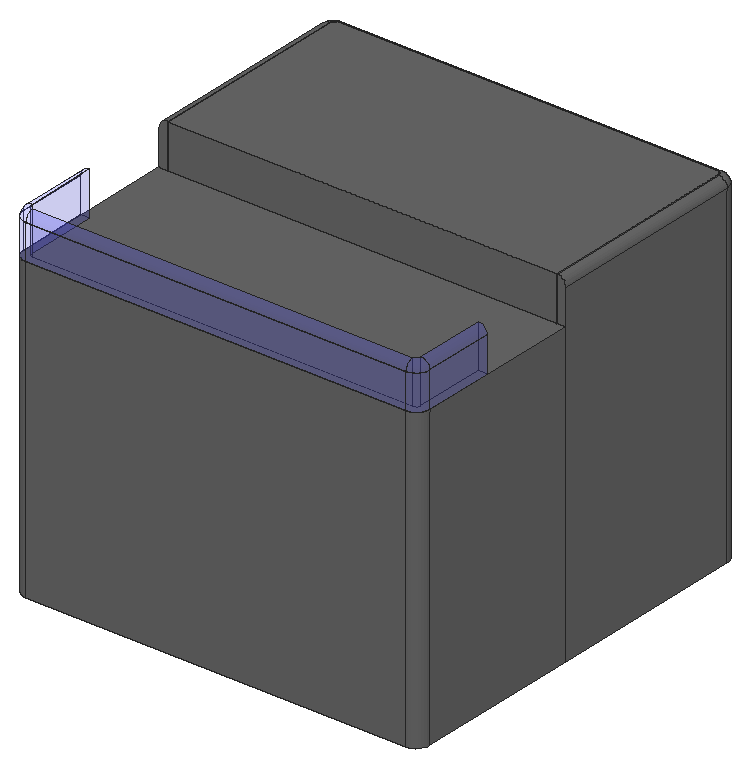
Revit family "Domotics-DomesticRanges-GEWISS-SYSTEM_SIGNALLING-LAMP_STAIR_RISER_2M", category Apparecchi elettrici, host Superficie, Revit 2016
Family settings
  Host = Superficie
  Mantenere orientamento annotazione = Sì
  Tipo di parte = Normale
  Quota connettore circolare = Usa diametro
  Taglio con vuoti quando caricato = Sì
  Condiviso = Sì
  Punto di calcolo locali = Sì
Parameters (values of type "GW21634 - Stair riser lamp 12/230V 2M black")
  Voltage: = "12/230V AC"
  Voltage = "12/230V AC"
  Volt = 230 V
  Vista in pianta [instance] = yes
  Version file RFA = "19.4"
  URL = "https://www.gewiss.com/ww/en"
  Type of lamp = "Integrated LED"
  Tipo = System Spie Segnapasso 2M_GENERICO : GW21634 Spia segnapasso 12/230V 2M nero
  Technical sheet = "https://www.gewiss.com/ww/en/search?q=GW21634"
  Simbolo [instance] = yes
  SEO = "Lamp"
  Realized by GEWISS S.p.A. = ""
  Default Elevation = 1219.2 mm
  Produttore = "GEWISS S.p.A."
  Offset presa [instance] = 0 mm
  Offset bidimensionale [instance] = 39 mm
  No. SYSTEM modules = "2"
  N. poli = 1
  Modello = "GW21634"
  Lamp voltage = "12V ac/dc - 230V ac"
  Lamp = "Integrated LED"
  Immagine tipo = GW21634.jpg
  IFC.TypeObject = ""
  IFC.ExportType = ""
  IFC.ExportAs = ""
  IDT = "4cbe2d01-671d-42f3-b0a9-0d3cd50f0d86"
  IDF = "e1f8d91e-42d5-45ae-9b50-bb8d477e07d2"
  Electrocod = "0132"
  EAN code = "8011564184671"
  Distanza_x [instance] = 0 mm
  Distanza_effettiva_y [instance] = 100 mm
  Distanza_effettiva_x [instance] = 1000 mm - Distanza_x  # 1000 mm
  Diffuser colour: = "White"
  Diffuser colour = "White"
  Descrizione = "STAIR RISER LAMP 12/230V 2M SY/BK"
  Description. = "Stair riser lamp"
  Colour = "Black"
  Catalogue Range = "SYSTEM - DOMESTIC RANGE"
  Catalogue = "DOMOTICS"
  Carico apparente = 0 VA
  COBie.Tagnumber = ""
  COBie.CreatedOn = ""
  COBie.CreatebBy = ""
  COBie.ComponentRegisterItemID = ""
  COBie.Component.TagNumber = ""
  COBie.Component.Space = ""
  COBie.Component.SerialNumber = ""
  COBie.Component.InstallationDate = ""
  COBie.Component.Description = ""
  COBie.Component.BarCode = ""
Types (2, lengths in mm): name | Tipo | Technical sheet | Modello | Immagine tipo | IDT | EAN code | Descrizione | Colour
  GW20634 - Stair riser lamp 12/230V 2M white | System Spie Segnapasso 2M_GENERICO : GW20634 Spia segnapasso 12/230V 2M bianco | "https://www.gewiss.com/ww/en/search?q=GW20634" | "GW20634" | GW20634.jpg | "41c4e9e3-0425-4063-bfa8-a9f1a85b130d" | "8011564184664" | "STAIR RISER LAMP 12/230V 2M SY/WT" | "White"
  GW21634 - Stair riser lamp 12/230V 2M black | System Spie Segnapasso 2M_GENERICO : GW21634 Spia segnapasso 12/230V 2M nero | "https://www.gewiss.com/ww/en/search?q=GW21634" | "GW21634" | GW21634.jpg | "4cbe2d01-671d-42f3-b0a9-0d3cd50f0d86" | "8011564184671" | "STAIR RISER LAMP 12/230V 2M SY/BK" | "Black"
Reference planes
  plane 1 "Centro (Fronte/Retro)": y = 0
  plane 2: z = 0
  plane 3 "Centro (Sinistra/Destra)": x = 0
  plane 4: x = -1000
  plane 5: z = 0
  plane 6: z = 39
  plane 7: x = 0
  plane 8: y = 100
  plane 9: z = 39
Lines and regions (mm)
  Masking region 1, visible <- "Vista in pianta"
    outline origin (0, 0, 0) x (1, 0, 0) y (0, 1, 0)
      loop
        line (-23, 22.501) -> (-23, -22.501) -> (23, -22.501) -> (23, 22.501) -> (-23, 22.501)
      loop
        line (-21.994, -1.799) -> (21.994, -1.799) -> (21.994, 21.493) -> (-21.994, 21.493) -> (-21.994, -1.799)
      loop
        line (-21.809, -21.613) -> (21.809, -21.613) -> (21.809, -12.839) -> (-21.809, -12.839) -> (-21.809, -21.613)
  Masking region 2, visible <- "Vista in pianta"
    outline origin (0, 0, 0) x (1, 0, 0) y (0, 0, 1)
      loop
        line (-23, 39) -> (-23, 0) -> (23, 0) -> (23, 39) -> (-23, 39)
  Masking region 3, visible <- "Vista in pianta"
    outline origin (0, 0, 0) x (0, 1, 0) y (0, 0, 1)
      loop
        line (-22.501, 39) -> (-22.501, 0) -> (22.501, 0) -> (22.501, 39) -> (-1.804, 39) -> (-1.804, 34.001) -> (-12.846, 34.001) -> (-12.846, 39) -> (-22.501, 39)
Dimensions and locks
  plane 4 to plane 3 "Centro (Sinistra/Destra)" = 1000 mm
  "Offset presa": plane 5 to host face
  "Offset bidimensionale": plane 6 to host face
  "Distanza_effettiva_x": plane 4 to plane 7
  "Distanza_effettiva_y": plane 8 to plane 1 "Centro (Fronte/Retro)"
  locked: plane 9 to plane 5 at 39
  locked: nested 1 to Masking region 3 at 4.999
  aligned and locked: plane 2 to host face
  aligned and locked: level to host face
  aligned and locked: plane 7 to nested 2
  aligned and locked: nested 2 to plane 8
  aligned and locked: Masking region 1 sketch curve to nested 1  (x4)
  aligned and locked: Masking region 2 sketch curve to nested 1  (x3)
  aligned and locked: nested 1 to Masking region 2 sketch curve
  aligned and locked: import instance to plane 6
  aligned and locked: nested 1 to plane 5
  aligned and locked: Masking region 3 to plane 5
  aligned and locked: Masking region 3 to plane 9
  aligned and locked: nested 1 to plane 9
Automatic sketch dimensions
  host sketch curve to host sketch curve = 2438.4 mm  (x2)
  plane 1 "Centro (Fronte/Retro)" to Masking region 1 sketch curve = 1.799 mm
  Masking region 1 sketch curve to Masking region 1 sketch curve = 1.006 mm  (x2)
  Masking region 1 sketch curve to Masking region 1 sketch curve = 1.008 mm
  Masking region 1 sketch curve to Masking region 1 sketch curve = 1.191 mm  (x2)
  Masking region 1 sketch curve to Masking region 1 sketch curve = 0.888 mm
  Masking region 1 sketch curve to Masking region 1 sketch curve = 8.774 mm
  level to Masking region 3 sketch curve = 0 mm
  plane 1 "Centro (Fronte/Retro)" to Masking region 3 sketch curve = 22.501 mm
  Masking region 3 sketch curve to Masking region 3 sketch curve = 9.655 mm
  plane 1 "Centro (Fronte/Retro)" to Masking region 3 sketch curve = 1.804 mm
  plane 6 to Masking region 3 sketch curve = 0 mm
  Masking region 3 sketch curve to plane 1 "Centro (Fronte/Retro)" = 22.501 mm
  Masking region 3 sketch curve to Masking region 3 sketch curve = 4.999 mm  (x2)
Nested families
  nested 1: "System Spie Segnapasso 2M_GENERICO" at (0, 0, 0), type <- "Tipo", type "GW21634 Spia segnapasso 12/230V 2M nero", detail levels medium+fine
  nested 2: "SPIE" at (0, 100, 0), visible <- "Simbolo", type "SEGNAP"
    with SIMBOLO yes, Distanza dal muro 0 mm, BORDO ACCESO yes
Connectors
  electrical at (0, -15.1, 0), driven by "N. poli", driven by "Volt", driven by "Carico apparente"
    settings: on nested 1, index 1, voltage 230 V, apparent load 0 VA, apparent load phase1 0 VA, apparent load phase2 0 VA, apparent load phase3 0 VA, power factor 1, load classification "Altro", number of poles 1, system type 31, power factor state 1, is connector primary yes, connector utility no, sub classification motor no, connector description ""
Definition of nested family "System Spie Segnapasso 2M_GENERICO"
  Parameters (values of type "GW21634 Spia segnapasso 12/230V 2M nero")
    Finitura Vetro System Estraibile = none
    Finitura System Estraibile = none
    Altezza da Terra = 750 mm
  Types (2): name
    GW20634 Spia segnapasso 12/230V 2M bianco
    GW21634 Spia segnapasso 12/230V 2M nero
  Reference planes
    plane 1 "Centro (Fronte/Retro)": y = 0
    plane 2: z = 0
    plane 3 "Centro (Sinistra/Destra)": x = 0
    plane 4: x = -22
    plane 5: x = 22
    plane 6: x = -23
    plane 7: x = 23
    plane 8 "a": z = 39
  Forms (mm)
    Sweep 1, solid, material <- "Finitura System Estraibile"
      path origin (0, -772.501, 0) x (1, 0, 0) y (0, 1, 0)
        loop
          line (-23, 770.702) -> (-23, 793.5)
          arc (-23, 793.5) -> (-22.561, 794.561) -> (-21.5, 795) r 1.5
          line (-21.5, 795) -> (21.5, 795)
          arc (21.5, 795) -> (22.561, 794.561) -> (23, 793.5) r 1.5
          line (23, 793.5) -> (23, 770.702)
      profile origin (0, 22.499, 0) x (0, 1, 0) y (0, 0, 1)
        loop
          line (0.002, 0) -> (0.002, 37.979)
          arc (0.002, 37.979) -> (-0.293, 38.691) -> (-1.006, 38.987) r 1.008
          line (-1.006, 38.987) -> (-1.006, 0) -> (0.002, 0)
    Extrusion 2, solid, material <- "Finitura System Estraibile"
      sketch origin (0, -762.368, 23.728) x (1, 0, 0) y (0, 1, 0)
        loop
          arc (-21.5, 783.896) -> (-21.854, 783.749) -> (-22, 783.396) r 0.5
          line (-22, 783.396) -> (-22, 760.569) -> (22, 760.569) -> (22, 783.396)
          arc (22, 783.396) -> (21.854, 783.749) -> (21.5, 783.896) r 0.5
          line (21.5, 783.896) -> (-21.5, 783.896)
      from 15.273 to -23.728
    Extrusion 3, solid, material <- "Finitura System Estraibile"
      sketch origin (0, -772.501, 14.001) x (1, 0, 0) y (0, 1, 0)
        loop
          line (-23, 770.702) -> (-23, 751.5)
          arc (-23, 751.5) -> (-22.561, 750.439) -> (-21.5, 750) r 1.5
          line (-21.5, 750) -> (21.5, 750)
          arc (21.5, 750) -> (22.561, 750.439) -> (23, 751.5) r 1.5
          line (23, 751.5) -> (23, 770.702) -> (-23, 770.702)
      from 20 to -14.001
    Sweep 4, solid, material <- "Finitura Vetro System Estraibile"
      path origin (0, -772.501, 34.001) x (1, 0, 0) y (0, 1, 0)
        loop
          line (-23, 759.66) -> (-23, 751.5)
          arc (-23, 751.5) -> (-22.561, 750.439) -> (-21.5, 750) r 1.5
          line (-21.5, 750) -> (21.5, 750)
          arc (21.5, 750) -> (22.561, 750.439) -> (23, 751.5) r 1.5
          line (23, 751.5) -> (23, 759.66)
      profile origin (-23, -16.921, 34.001) x (1, 0, 0) y (0, 0, 1)
        loop
          line (0, 0) -> (1, 0) -> (1, 5)
          arc (1, 5) -> (0.293, 4.707) -> (0, 4) r 1
          line (0, 4) -> (0, 0)
    Extrusion 5, solid, material <- "Finitura Vetro System Estraibile"
      sketch origin (0, -772.501, 34.001) x (1, 0, 0) y (0, 1, 0)
        loop
          line (-22, 759.66) -> (-22, 751.5)
          arc (-22, 751.5) -> (-21.854, 751.146) -> (-21.5, 751) r 0.5
          line (-21.5, 751) -> (21.5, 751)
          arc (21.5, 751) -> (21.854, 751.146) -> (22, 751.5) r 0.5
          line (22, 751.5) -> (22, 759.66) -> (-22, 759.66)
      from -5 to -4.092
    Sweep 6, solid, material <- "Finitura System Estraibile", not visible
      path origin (0, 25, 0) x (0, 0, 1) y (1, 0, 0)
        loop
          line (770.702, -23) -> (793.5, -23)
          arc (793.5, -23) -> (794.561, -22.561) -> (795, -21.5) r 1.5
          line (795, -21.5) -> (795, 21.5)
          arc (795, 21.5) -> (794.561, 22.561) -> (793.5, 23) r 1.5
          line (793.5, 23) -> (770.702, 23)
      profile origin (0, 25, 795) x (0, 0, -1) y (0, 1, 0)
        loop
          line (-0.002, 0) -> (-0.002, -23.991)
          arc (-0.002, -23.991) -> (0.293, -24.704) -> (1.006, -24.999) r 1.008
          line (1.006, -24.999) -> (1.006, 0) -> (-0.002, 0)
    Extrusion 7, solid, material <- "Finitura System Estraibile", not visible
      sketch origin (0, 25, 0) x (0, 0, 1) y (1, 0, 0)
        loop
          line (794, -21.5) -> (794, 21.5)
          arc (794, 21.5) -> (793.854, 21.854) -> (793.5, 22) r 0.5
          line (793.5, 22) -> (770.702, 22) -> (770.702, -22) -> (793.5, -22)
          arc (793.5, -22) -> (793.854, -21.854) -> (794, -21.5) r 0.5
      from -25 to 0
    Extrusion 8, solid, material <- "Finitura System Estraibile", not visible
      sketch origin (0, 25, 0) x (0, 0, 1) y (1, 0, 0)
        loop
          line (770.702, -23) -> (770.702, 23) -> (751.5, 23)
          arc (751.5, 23) -> (750.439, 22.561) -> (750, 21.5) r 1.5
          line (750, 21.5) -> (750, -21.5)
          arc (750, -21.5) -> (750.439, -22.561) -> (751.5, -23) r 1.5
          line (751.5, -23) -> (770.702, -23)
      from -20 to 0
    Extrusion 9, solid, material <- "Finitura Vetro System Estraibile", not visible
      sketch origin (0, 0, 0) x (0, 1, 0) y (0, 0, 1)
        loop
          line (0.908, 759.66) -> (0.908, 758.561) -> (5, 758.561) -> (5, 759.66) -> (0.908, 759.66)
      from -22 to 22
    Sweep 10, solid, material <- "Finitura Vetro System Estraibile", not visible
      path origin (0, 5, 0) x (0, 0, 1) y (1, 0, 0)
        loop
          line (759.66, -23) -> (751.5, -23)
          arc (751.5, -23) -> (750.439, -22.561) -> (750, -21.5) r 1.5
          line (750, -21.5) -> (750, 21.5)
          arc (750, 21.5) -> (750.439, 22.561) -> (751.5, 23) r 1.5
          line (751.5, 23) -> (759.66, 23)
      profile origin (-23, 5, 755.58) x (0, 1, 0) y (-1, 0, 0)
        loop
          line (0, 0) -> (-4, 0)
          arc (-4, 0) -> (-4.707, -0.293) -> (-5, -1) r 1
          line (-5, -1) -> (0, -1) -> (0, 0)
    Extrusion 11, solid, material <- "Finitura Vetro System Estraibile", not visible
      sketch origin (0, 5, 0) x (0, 0, 1) y (1, 0, 0)
        loop
          line (759.66, -22) -> (759.66, 22) -> (751.5, 22)
          arc (751.5, 22) -> (751.146, 21.854) -> (751, 21.5) r 0.5
          line (751, 21.5) -> (751, -21.5)
          arc (751, -21.5) -> (751.146, -21.854) -> (751.5, -22) r 0.5
          line (751.5, -22) -> (759.66, -22)
      from -5 to -4.092
  Lines and regions (mm)
    model lines, not visible
      curve 1: line (-23, 5, 770.702) -> (23, 5, 770.702)
      curve 2: line (7.678, 5, 759.66) -> (21.809, 5, 759.66)
    model lines, not visible, detail levels fine
      curve 3: line (-21.809, 0, 759.66) -> (-7.678, 0, 759.66)
      curve 4: line (7.678, 0, 759.018) -> (-7.678, 0, 759.018)
      curve 5: line (-7.678, 0, 759.018) -> (-7.678, 0, 759.66)
      curve 6: line (7.678, 0, 759.66) -> (7.678, 0, 759.018)
      curve 7: line (-19.564, 0, 757.092) -> (19.564, 0, 757.092)
      curve 8: line (-19.564, 0, 759.66) -> (-19.564, 0, 753.412)
      curve 9: line (-19.564, 0, 753.412) -> (19.564, 0, 753.412)
      curve 10: line (19.564, 0, 753.412) -> (19.564, 0, 759.66)
      curve 11: line (0, 0, 759.018) -> (0, 0, 753.412)
      curve 12: line (2.445, 0, 759.018) -> (2.445, 0, 753.412)
      curve 13: line (4.891, 0, 759.018) -> (4.891, 0, 753.412)
      curve 14: line (7.336, 0, 759.018) -> (7.336, 0, 753.412)
      curve 15: line (9.782, 0, 759.66) -> (9.782, 0, 753.412)
      curve 16: line (12.227, 0, 759.66) -> (12.227, 0, 753.412)
      curve 17: line (14.673, 0, 759.66) -> (14.673, 0, 753.412)
      curve 18: line (17.118, 0, 759.66) -> (17.118, 0, 753.412)
      curve 19: line (-2.445, 0, 759.018) -> (-2.445, 0, 753.412)
      curve 20: line (-4.891, 0, 759.018) -> (-4.891, 0, 753.412)
      curve 21: line (-7.336, 0, 759.018) -> (-7.336, 0, 753.412)
      curve 22: line (-9.782, 0, 759.66) -> (-9.782, 0, 753.412)
      curve 23: line (-12.227, 0, 759.66) -> (-12.227, 0, 753.412)
      curve 24: line (-14.673, 0, 759.66) -> (-14.673, 0, 753.412)
      curve 25: line (-17.118, 0, 759.66) -> (-17.118, 0, 753.412)
    model lines
      curve 26: line (7.678, -12.839, 39) -> (21.809, -12.839, 39)
      curve 27: line (21.809, -12.839, 39) -> (21.809, -19.702, 39)
      curve 28: line (21.809, -19.702, 39) -> (21.589, -20.548, 39)
      curve 29: line (21.589, -20.548, 39) -> (21.081, -21.131, 39)
      curve 30: line (21.081, -21.131, 39) -> (20.574, -21.512, 39)
      curve 31: line (20.574, -21.512, 39) -> (19.661, -21.613, 39)
      curve 32: line (19.661, -21.613, 39) -> (-19.661, -21.613, 39)
      curve 33: line (-19.661, -21.613, 39) -> (-20.574, -21.512, 39)
      curve 34: line (-20.574, -21.512, 39) -> (-21.081, -21.131, 39)
      curve 35: line (-21.081, -21.131, 39) -> (-21.589, -20.548, 39)
      curve 36: line (-21.589, -20.548, 39) -> (-21.809, -19.702, 39)
      curve 37: line (-21.809, -19.702, 39) -> (-21.809, -12.839, 39)
      curve 38: line (-21.809, -12.839, 39) -> (-7.678, -12.839, 39)
      curve 39: line (7.678, -13.481, 39) -> (-7.678, -13.481, 39)
      curve 40: line (-7.678, -13.481, 39) -> (-7.678, -12.197, 39)
      curve 41: line (-7.678, -12.197, 39) -> (7.678, -12.197, 39)
      curve 42: line (7.678, -12.197, 39) -> (7.678, -13.481, 39)
  Dimensions and locks
    locked: plane 4 to plane 6 at 1
    locked: plane 5 to plane 7 at 1
    plane 8 "a" to level = 39 mm
    aligned and locked: level to plane 2
    aligned and locked: Sweep 4 to Extrusion 3  (x4)
    aligned and locked: Extrusion 3 to level
Definition of nested family "SPIE"
  Parameters (values of type "SEGNAP")
    tipo = SPIE_BASE : SEGNAP
    SIMBOLO [instance] = yes
    Distanza dal muro [instance] = 4.208 mm
    BORDO ACCESO [instance] = yes
  Types (3, lengths in mm): name | tipo
    SPIE DOPPIE | SPIE_BASE : SPIE DOPPIE
    SPIE | SPIE_BASE : SPIE
    SEGNAP | SPIE_BASE : SEGNAP
  Reference planes
    plane 1: y = 0
    plane 2: x = 0
  Lines and regions (mm)
    detail lines, visible <- "BORDO ACCESO", not visible
      curve 1: line (-2.25, 0.412, 0) -> (2.25, 0.412, 0)
      curve 2: line (2.25, 0.412, 0) -> (2.25, -5.588, 0)
      curve 3: line (2.25, -5.588, 0) -> (-2.25, -5.588, 0)
      curve 4: line (-2.25, -5.588, 0) -> (-2.25, 0.412, 0)
      curve 30: line (-1.85, 0.012, 0) -> (1.85, 0.012, 0)
      curve 31: line (1.85, 0.012, 0) -> (1.85, -5.188, 0)
      curve 32: line (1.85, -5.188, 0) -> (-1.85, -5.188, 0)
      curve 33: line (-1.85, -5.188, 0) -> (-1.85, 0.012, 0)
      curve 34: line (-2.25, 6, 0) -> (2.25, 6, 0)
      curve 35: line (2.25, 6, 0) -> (2.25, 0, 0)
      curve 36: line (2.25, 0, 0) -> (-2.25, 0, 0)
      curve 37: line (-2.25, 0, 0) -> (-2.25, 6, 0)
      curve 61: line (-1.85, 5.6, 0) -> (1.85, 5.6, 0)
      curve 62: line (1.85, 5.6, 0) -> (1.85, 0.4, 0)
      curve 63: line (1.85, 0.4, 0) -> (-1.85, 0.4, 0)
      curve 64: line (-1.85, 0.4, 0) -> (-1.85, 5.6, 0)
      curve 65: line (-2.443, 10.208, 0) -> (2.057, 10.208, 0)
      curve 66: line (2.057, 10.208, 0) -> (2.057, 4.208, 0)
      curve 67: line (2.057, 4.208, 0) -> (-2.443, 4.208, 0)
      curve 68: line (-2.443, 4.208, 0) -> (-2.443, 10.208, 0)
      curve 69: line (-2.043, 9.808, 0) -> (1.657, 9.808, 0)
      curve 70: line (1.657, 9.808, 0) -> (1.657, 4.608, 0)
      curve 71: line (1.657, 4.608, 0) -> (-2.043, 4.608, 0)
      curve 72: line (-2.043, 4.608, 0) -> (-2.043, 9.808, 0)
    detail lines, not visible
      curve 5: line (-9.473, -5.588, 0) -> (10.527, -5.588, 0)
      curve 6: circle (-0.56, -0.487, 0) r 0.969 normal (0, 0, 1)
      curve 7: line (-0.005, 0.306, 0) -> (0.852, 1.529, 0)
      curve 8: line (0.852, 1.529, 0) -> (1.529, 1.047, 0)
      curve 9: circle (-0.56, -315.487, 0) r 0.969 normal (0, 0, 1)
      curve 10: line (-0.005, -314.694, 0) -> (0.852, -313.471, 0)
      curve 11: line (0.852, -313.471, 0) -> (1.529, -313.953, 0)
      curve 12: line (-1.245, -314.803, 0) -> (0.124, -316.172, 0)
      curve 13: line (0.124, -314.803, 0) -> (-1.245, -316.172, 0)
      curve 14: circle (-0.56, -480.487, 0) r 0.969 normal (0, 0, 1)
      curve 15: line (-0.005, -479.694, 0) -> (0.852, -478.471, 0)
      curve 16: line (0.852, -478.471, 0) -> (1.529, -478.953, 0)
      curve 17: line (0.493, -478.983, 0) -> (1.167, -479.462, 0)
      curve 18: circle (-0.56, -880.487, 0) r 0.969 normal (0, 0, 1)
      curve 19: line (-0.005, -879.694, 0) -> (0.852, -878.471, 0)
      curve 20: line (0.852, -878.471, 0) -> (1.529, -878.953, 0)
      curve 21: line (-1.245, -879.803, 0) -> (0.124, -881.172, 0)
      curve 22: line (0.124, -879.803, 0) -> (-1.245, -881.172, 0)
      curve 23: line (0.493, -878.983, 0) -> (1.167, -879.462, 0)
      curve 24: circle (-0.56, -365.487, 0) r 0.969 normal (0, 0, 1)
      curve 25: line (-0.005, -364.694, 0) -> (0.852, -363.471, 0)
      curve 26: line (0.852, -363.471, 0) -> (1.529, -363.953, 0)
      curve 27: line (-0.56, -364.925, 0) -> (-0.56, -366.05, 0)
      curve 28: line (0.493, -363.983, 0) -> (1.167, -364.462, 0)
      curve 29: line (0, 3.621, 0) -> (0, -16.379, 0)
      curve 38: circle (-0.56, 2.417, 0) r 0.969 normal (0, 0, 1)
      curve 39: line (-0.005, 3.21, 0) -> (0.852, 4.433, 0)
      curve 40: line (0.852, 4.433, 0) -> (1.529, 3.951, 0)
      curve 41: circle (-0.56, 2.417, 0) r 0.969 normal (0, 0, 1)
      curve 42: line (-0.005, 3.21, 0) -> (0.852, 4.433, 0)
      curve 43: line (0.852, 4.433, 0) -> (1.529, 3.951, 0)
      curve 44: line (-1.245, 3.102, 0) -> (0.124, 1.732, 0)
      curve 45: line (0.124, 3.102, 0) -> (-1.245, 1.732, 0)
      curve 46: circle (-0.56, 2.417, 0) r 0.969 normal (0, 0, 1)
      curve 47: line (-0.005, 3.21, 0) -> (0.852, 4.433, 0)
      curve 48: line (0.852, 4.433, 0) -> (1.529, 3.951, 0)
      curve 49: circle (-0.56, 2.417, 0) r 0.969 normal (0, 0, 1)
      curve 50: line (-0.005, 3.21, 0) -> (0.852, 4.433, 0)
      curve 51: line (0.852, 4.433, 0) -> (1.529, 3.951, 0)
      curve 52: line (-1.245, 3.102, 0) -> (0.124, 1.732, 0)
      curve 53: line (0.124, 3.102, 0) -> (-1.245, 1.732, 0)
      curve 54: line (0.493, 3.921, 0) -> (1.167, 3.442, 0)
      curve 55: line (0.493, 3.921, 0) -> (1.167, 3.442, 0)
      curve 56: circle (-0.56, 2.417, 0) r 0.969 normal (0, 0, 1)
      curve 57: line (-0.005, 3.21, 0) -> (0.852, 4.433, 0)
      curve 58: line (0.852, 4.433, 0) -> (1.529, 3.951, 0)
      curve 59: line (-0.56, 2.979, 0) -> (-0.56, 1.854, 0)
      curve 60: line (0.493, 3.921, 0) -> (1.167, 3.442, 0)
  Dimensions and locks
    aligned and locked: curve 5 to curve 3
    aligned and locked: plane 2 to nested 1
    aligned and locked: plane 1 to nested 1
  Nested families
    nested 1: "SPIE_BASE" at (0, 0, 0), BORDO ACCESO <- "BORDO ACCESO", type <- "tipo", visible <- "SIMBOLO", type "SEGNAP"
      with BORDO ACCESO yes
  Definition of nested family "SPIE_BASE"
    Parameters (values of type "SPIE DOPPIE")
      SPIE DOPPIE = yes
      SPIE = no
      SEGNAP = no
      Distanza dal muro = 4.208 mm
      BORDO ACCESO [instance] = yes
    Types (3, lengths in mm): name | SPIE DOPPIE | SPIE | SEGNAP
      SPIE | no | yes | no
      SPIE DOPPIE | yes | no | no
      SEGNAP | no | yes | yes
    Reference planes
      plane 1: y = 0
      plane 2: x = 0
    Lines and regions (mm)
      detail lines, visible <- "BORDO ACCESO", not visible
        curve 1: line (-2.25, 0.412, 0) -> (2.25, 0.412, 0)
        curve 2: line (2.25, 0.412, 0) -> (2.25, -5.588, 0)
        curve 3: line (2.25, -5.588, 0) -> (-2.25, -5.588, 0)
        curve 4: line (-2.25, -5.588, 0) -> (-2.25, 0.412, 0)
        curve 30: line (-1.85, 0.012, 0) -> (1.85, 0.012, 0)
        curve 31: line (1.85, 0.012, 0) -> (1.85, -5.188, 0)
        curve 32: line (1.85, -5.188, 0) -> (-1.85, -5.188, 0)
        curve 33: line (-1.85, -5.188, 0) -> (-1.85, 0.012, 0)
        curve 34: line (-2.25, 6, 0) -> (2.25, 6, 0)
        curve 35: line (2.25, 6, 0) -> (2.25, 0, 0)
        curve 36: line (2.25, 0, 0) -> (-2.25, 0, 0)
        curve 37: line (-2.25, 0, 0) -> (-2.25, 6, 0)
        curve 61: line (-1.85, 5.6, 0) -> (1.85, 5.6, 0)
        curve 62: line (1.85, 5.6, 0) -> (1.85, 0.4, 0)
        curve 63: line (1.85, 0.4, 0) -> (-1.85, 0.4, 0)
        curve 64: line (-1.85, 0.4, 0) -> (-1.85, 5.6, 0)
        curve 65: line (-2.443, 10.208, 0) -> (2.057, 10.208, 0)
        curve 66: line (2.057, 10.208, 0) -> (2.057, 4.208, 0)
        curve 67: line (2.057, 4.208, 0) -> (-2.443, 4.208, 0)
        curve 68: line (-2.443, 4.208, 0) -> (-2.443, 10.208, 0)
        curve 69: line (-2.043, 9.808, 0) -> (1.657, 9.808, 0)
        curve 70: line (1.657, 9.808, 0) -> (1.657, 4.608, 0)
        curve 71: line (1.657, 4.608, 0) -> (-2.043, 4.608, 0)
        curve 72: line (-2.043, 4.608, 0) -> (-2.043, 9.808, 0)
      detail lines, not visible
        curve 5: line (-9.473, -5.588, 0) -> (10.527, -5.588, 0)
        curve 6: circle (-0.56, -0.487, 0) r 0.969 normal (0, 0, 1)
        curve 7: line (-0.005, 0.306, 0) -> (0.852, 1.529, 0)
        curve 8: line (0.852, 1.529, 0) -> (1.529, 1.047, 0)
        curve 9: circle (-0.56, -315.487, 0) r 0.969 normal (0, 0, 1)
        curve 10: line (-0.005, -314.694, 0) -> (0.852, -313.471, 0)
        curve 11: line (0.852, -313.471, 0) -> (1.529, -313.953, 0)
        curve 12: line (-1.245, -314.803, 0) -> (0.124, -316.172, 0)
        curve 13: line (0.124, -314.803, 0) -> (-1.245, -316.172, 0)
        curve 14: circle (-0.56, -480.487, 0) r 0.969 normal (0, 0, 1)
        curve 15: line (-0.005, -479.694, 0) -> (0.852, -478.471, 0)
        curve 16: line (0.852, -478.471, 0) -> (1.529, -478.953, 0)
        curve 17: line (0.493, -478.983, 0) -> (1.167, -479.462, 0)
        curve 18: circle (-0.56, -880.487, 0) r 0.969 normal (0, 0, 1)
        curve 19: line (-0.005, -879.694, 0) -> (0.852, -878.471, 0)
        curve 20: line (0.852, -878.471, 0) -> (1.529, -878.953, 0)
        curve 21: line (-1.245, -879.803, 0) -> (0.124, -881.172, 0)
        curve 22: line (0.124, -879.803, 0) -> (-1.245, -881.172, 0)
        curve 23: line (0.493, -878.983, 0) -> (1.167, -879.462, 0)
        curve 24: circle (-0.56, -365.487, 0) r 0.969 normal (0, 0, 1)
        curve 25: line (-0.005, -364.694, 0) -> (0.852, -363.471, 0)
        curve 26: line (0.852, -363.471, 0) -> (1.529, -363.953, 0)
        curve 27: line (-0.56, -364.925, 0) -> (-0.56, -366.05, 0)
        curve 28: line (0.493, -363.983, 0) -> (1.167, -364.462, 0)
        curve 29: line (0, 3.621, 0) -> (0, -16.379, 0)
        curve 38: circle (-0.56, 2.417, 0) r 0.969 normal (0, 0, 1)
        curve 39: line (-0.005, 3.21, 0) -> (0.852, 4.433, 0)
        curve 40: line (0.852, 4.433, 0) -> (1.529, 3.951, 0)
        curve 41: circle (-0.56, 2.417, 0) r 0.969 normal (0, 0, 1)
        curve 42: line (-0.005, 3.21, 0) -> (0.852, 4.433, 0)
        curve 43: line (0.852, 4.433, 0) -> (1.529, 3.951, 0)
        curve 44: line (-1.245, 3.102, 0) -> (0.124, 1.732, 0)
        curve 45: line (0.124, 3.102, 0) -> (-1.245, 1.732, 0)
        curve 46: circle (-0.56, 2.417, 0) r 0.969 normal (0, 0, 1)
        curve 47: line (-0.005, 3.21, 0) -> (0.852, 4.433, 0)
        curve 48: line (0.852, 4.433, 0) -> (1.529, 3.951, 0)
        curve 49: circle (-0.56, 2.417, 0) r 0.969 normal (0, 0, 1)
        curve 50: line (-0.005, 3.21, 0) -> (0.852, 4.433, 0)
        curve 51: line (0.852, 4.433, 0) -> (1.529, 3.951, 0)
        curve 52: line (-1.245, 3.102, 0) -> (0.124, 1.732, 0)
        curve 53: line (0.124, 3.102, 0) -> (-1.245, 1.732, 0)
        curve 54: line (0.493, 3.921, 0) -> (1.167, 3.442, 0)
        curve 55: line (0.493, 3.921, 0) -> (1.167, 3.442, 0)
        curve 56: circle (-0.56, 2.417, 0) r 0.969 normal (0, 0, 1)
        curve 57: line (-0.005, 3.21, 0) -> (0.852, 4.433, 0)
        curve 58: line (0.852, 4.433, 0) -> (1.529, 3.951, 0)
        curve 59: line (-0.56, 2.979, 0) -> (-0.56, 1.854, 0)
        curve 60: line (0.493, 3.921, 0) -> (1.167, 3.442, 0)
      detail lines, visible <- "SPIE"
        curve 73: line (-0.354, 1.604, 0) -> (0.354, 0.896, 0)
        curve 74: circle (0, 1.25, 0) r 0.5 normal (0, 0, 1)
        curve 75: line (0.354, 1.604, 0) -> (-0.354, 0.896, 0)
      detail lines, visible <- "SPIE DOPPIE"
        curve 76: line (-0.354, 2.152, 0) -> (0.354, 1.445, 0)
        curve 77: circle (0, 1.799, 0) r 0.5 normal (0, 0, 1)
        curve 78: line (0.354, 2.152, 0) -> (-0.354, 1.445, 0)
        curve 79: line (-0.354, 0.348, 0) -> (0.354, 1.055, 0)
        curve 80: circle (0, 0.701, 0) r 0.5 normal (0, 0, -1)
        curve 81: line (0.354, 0.348, 0) -> (-0.354, 1.055, 0)
      detail lines, visible <- "SEGNAP"
        curve 82: line (-0.77, 1.96, 0) -> (0.77, 1.96, 0)
        curve 83: line (-0.77, 0.543, 0) -> (-0.77, 1.96, 0)
        curve 84: line (0.77, 0.543, 0) -> (-0.77, 0.543, 0)
        curve 85: line (0.77, 1.96, 0) -> (0.77, 0.543, 0)
    Dimensions and locks
      aligned and locked: curve 5 to curve 3
